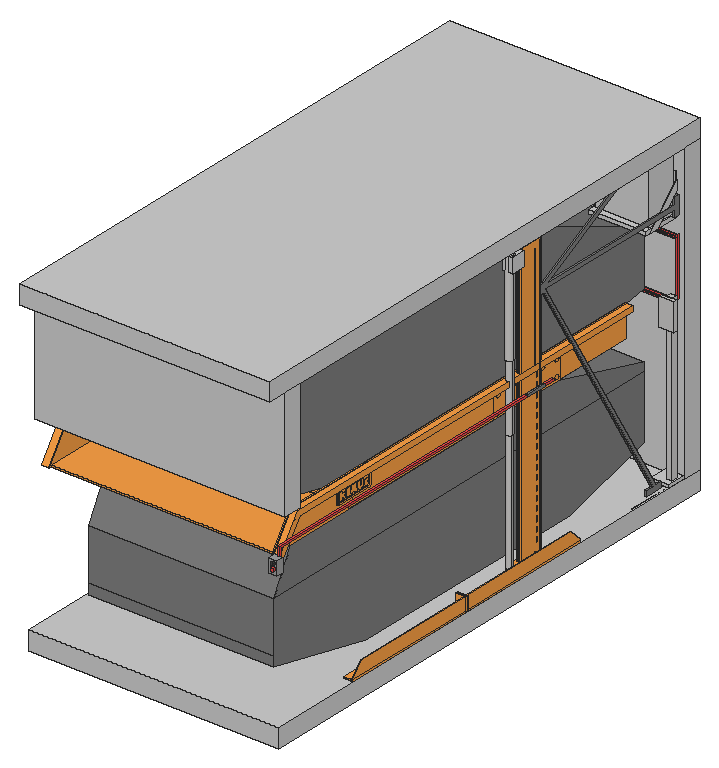
Revit family "CP612.6T (Family)", category Parking, Revit 2024 (continued)
Automatic sketch dimensions
  Extrusion 93 sketch curve to plane 1 "Center (Front/Back)" = 647.923 mm
  Extrusion 93 sketch curve to Extrusion 93 sketch curve = 17 mm  (x2)
  Extrusion 93 sketch curve to plane 1 "Center (Front/Back)" = 501.923 mm
  Extrusion 94 sketch curve to Extrusion 94 sketch curve = 0 mm  (x4)
  plane 5 to Extrusion 94 sketch curve = 60.892 mm  (x2)
  Extrusion 94 sketch curve to Extrusion 94 sketch curve = 25 mm  (x2)
  Extrusion 94 sketch curve to Extrusion 94 sketch curve = 5 mm  (x2)
  Extrusion 94 sketch curve to plane 1 "Center (Front/Back)" = 614.923 mm
  Extrusion 94 sketch curve to plane 1 "Center (Front/Back)" = 512.923 mm
  plane 5 to Extrusion 96 sketch curve = 83.392 mm
  Extrusion 96 sketch curve to Extrusion 96 sketch curve = 5 mm
  Extrusion 96 sketch curve to plane 1 "Center (Front/Back)" = 678.923 mm
  Extrusion 96 sketch curve to plane 1 "Center (Front/Back)" = 438.923 mm
  Extrusion 95 sketch curve to plane 1 "Center (Front/Back)" = 628.099 mm  (x3)
  Extrusion 95 sketch curve to Extrusion 95 sketch curve = 0 mm  (x14)
  Extrusion 95 sketch curve to Extrusion 95 sketch curve = 4 mm  (x51)
  Extrusion 95 sketch curve to Extrusion 95 sketch curve = 8.5 mm  (x34)
  Extrusion 95 sketch curve to Extrusion 95 sketch curve = 17 mm  (x17)
  level to Extrusion 95 sketch curve = 1862.631 mm
  Extrusion 95 sketch curve to Extrusion 95 sketch curve = 57 mm  (x17)
  Extrusion 95 sketch curve to Extrusion 95 sketch curve = 35 mm  (x16)
  Extrusion 72 to Extrusion 73 sketch curve = 0 mm
  Extrusion 73 sketch curve to Extrusion 72 = 226.424 mm
  Extrusion 73 sketch curve to Extrusion 73 sketch curve = 55 mm  (x3)
  Extrusion 72 to Extrusion 73 sketch curve = 13.576 mm
  Extrusion 73 sketch curve to Extrusion 72 = 55 mm  (x2)
  Extrusion 73 sketch curve to Extrusion 73 sketch curve = 113.634 mm
  Extrusion 73 sketch curve to Extrusion 73 sketch curve = 86.366 mm
  Extrusion 73 sketch curve to Extrusion 72 = 52.519 mm
  Extrusion 73 sketch curve to Extrusion 73 sketch curve = 106.101 mm
  Extrusion 73 sketch curve to Extrusion 73 sketch curve = 86.916 mm
  Extrusion 73 sketch curve to Extrusion 73 sketch curve = 6.983 mm
  Extrusion 73 sketch curve to Extrusion 73 sketch curve = 853.418 mm
  Extrusion 73 sketch curve to Extrusion 73 sketch curve = 23.767 mm
  Extrusion 73 sketch curve to Extrusion 73 sketch curve = 40.739 mm
  Extrusion 73 sketch curve to Extrusion 73 sketch curve = 22.269 mm
  Extrusion 73 sketch curve to Extrusion 73 sketch curve = 48.843 mm
  Extrusion 73 sketch curve to Extrusion 73 sketch curve = 2478.937 mm
  Extrusion 73 sketch curve to Extrusion 73 sketch curve = 56.063 mm
  Extrusion 73 sketch curve to Extrusion 73 sketch curve = 80 mm  (x2)
  Extrusion 73 sketch curve to Extrusion 73 sketch curve = 40 mm  (x2)
  Extrusion 73 sketch curve to Extrusion 73 sketch curve = 23.937 mm
  Extrusion 73 sketch curve to Extrusion 73 sketch curve = 411.063 mm
  Extrusion 73 sketch curve to Extrusion 73 sketch curve = 0 mm
  Extrusion 71 sketch curve to Extrusion 70 = 226.424 mm
  Extrusion 71 sketch curve to Extrusion 71 sketch curve = 55 mm  (x3)
  Extrusion 71 sketch curve to Extrusion 70 = 3.318 mm
  Extrusion 70 to Extrusion 71 sketch curve = 13.576 mm
  Extrusion 71 sketch curve to Extrusion 70 = 56.636 mm
  Extrusion 71 sketch curve to Extrusion 71 sketch curve = 113.634 mm
  Extrusion 71 sketch curve to Extrusion 71 sketch curve = 86.366 mm
  Extrusion 71 sketch curve to Extrusion 70 = 52.519 mm
  Extrusion 71 sketch curve to Extrusion 71 sketch curve = 106.101 mm
  Extrusion 71 sketch curve to Extrusion 71 sketch curve = 86.916 mm
  Extrusion 71 sketch curve to Extrusion 71 sketch curve = 6.983 mm
  Extrusion 71 sketch curve to Extrusion 71 sketch curve = 853.418 mm
  Extrusion 71 sketch curve to Extrusion 71 sketch curve = 23.767 mm
  Extrusion 71 sketch curve to Extrusion 71 sketch curve = 40.739 mm
  Extrusion 71 sketch curve to Extrusion 71 sketch curve = 22.269 mm
  Extrusion 71 sketch curve to Extrusion 71 sketch curve = 48.843 mm
  Extrusion 71 sketch curve to Extrusion 71 sketch curve = 2477.301 mm
  Extrusion 71 sketch curve to Extrusion 71 sketch curve = 56.063 mm
  Extrusion 71 sketch curve to Extrusion 71 sketch curve = 23.937 mm
  Extrusion 71 sketch curve to Extrusion 71 sketch curve = 40 mm  (x2)
  Extrusion 71 sketch curve to Extrusion 71 sketch curve = 87.874 mm
  Extrusion 71 sketch curve to Extrusion 71 sketch curve = 80 mm
  Extrusion 71 sketch curve to Extrusion 71 sketch curve = 411.063 mm
  Extrusion 71 sketch curve to Extrusion 71 sketch curve = 0 mm
  Extrusion 71 sketch curve to Extrusion 71 sketch curve = 53.318 mm
  curve 13 to curve 13 = 1995 mm
  curve 13 to plane 4 = 150 mm
  curve 13 to plane 1 "Center (Front/Back)" = 558.923 mm
  Sweep 22 sketch curve to Extrusion 20 = 5320 mm
  Sweep 22 sketch curve to Extrusion 20 = 1620 mm
  Sweep 22 sketch curve to Sweep 22 sketch curve = 230 mm
  Sweep 22 to Sweep 78 sketch curve = 6.291 mm
  Sweep 22 to Sweep 78 sketch curve = 127.129 mm
  Sweep 78 sketch curve to Sweep 78 sketch curve = 230 mm
  radius of Extrusion 45 sketch curve = 43 mm
  radius of Extrusion 46 sketch curve = 43 mm
  radius of Extrusion 48 sketch curve = 35.5 mm
  radius of Extrusion 49 sketch curve = 35.5 mm
  radius of Extrusion 50 sketch curve = 28 mm
  radius of Extrusion 51 sketch curve = 28 mm
  radius of Extrusion 37 sketch curve = 20 mm
  radius of Extrusion 38 sketch curve = 15 mm
  radius of Extrusion 80 sketch curve = 43 mm
  radius of Extrusion 81 sketch curve = 35.5 mm
  radius of Extrusion 82 sketch curve = 28 mm
Types (7, lengths in mm): name | Total Height (H) | Parking Width (PW) | Model Height (DH) | Column Ht (A) | Civil | Check 2 | Check
  (no name) | 3200 | 2400 | 1600 | 3135 | yes | 2700 | 3000
  2000 x 2300 | 3200 | 2000 | 1600 | 3000 | no | 2481.023 | 3100
  2100 x 2400 | 3300 | 2100 | 1700 | 3100 | no | 2481.023 | 3100
  2200 x 2500 | 3400 | 2200 | 1800 | 3200 | no | 2481.023 | 3100
  2300 x 2600 | 3500 | 2300 | 1900 | 3500 | no | 2481.023 | 3100
  2400 x 2700 | 3600 | 2400 | 2000 | 3600 | no | 2481.023 | 3100
  2500 x 2800 | 3200 | 2400 | 1600 | 3135 | yes | 2700 | 3000
